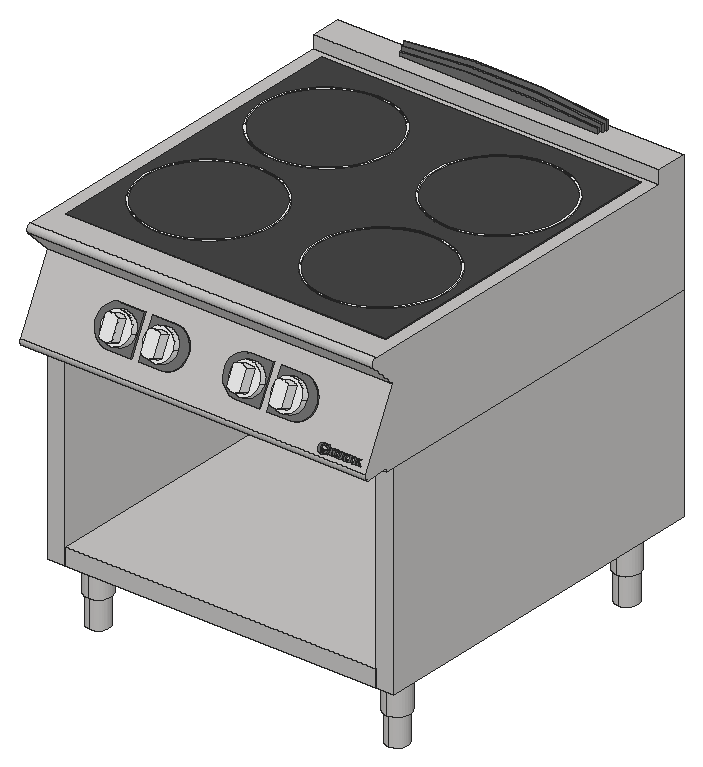
Revit family "QF_GIORIK_CV940G", category Specialty Equipment, Revit 2014
Parameters (values of type "CV940G")
  Weight in Pounds = 253.5313
  Watts = 12000 W
  Volts = 400 V
  URL Cutsheet = "www.giorik.com"
  URL = "www.giorik.com"
  Status [instance] = ""
  Specification by User [instance] = ""
  Specification by Manufacturer = ""
  Show Logo [instance] = yes
  Show Clearance [instance] = yes
  Serial Number = ""
  Seismic Rating = ""
  SMACNA No = ""
  Revision Code [instance] = ""
  Phase = 3
  Number of Poles [instance] = 3
  NAFEM Spec ID Number = ""
  Model = "CV940G"
  Min Ckt Ampacity = 0 A
  Max Overcurrent Protection = 0 A
  Masterspec = ""
  Manufacturer = "GIORIK"
  Item Number [instance] = ""
  Installed By [instance] = ""
  Identify Quantity as Lot [instance] = no
  HP = "16.092240000000"
  Furnished By [instance] = ""
  Foodservice Equipment Identifier [instance] = yes
  FL Amps = 0 A
  Electrical Remarks [instance] = ""
  Electric Connection Type [instance] = ""
  Elec Conn RI Height [instance] = 0 mm
  Elec Conn Connection Height [instance] = 150 mm
  Description = "CERAMIC GLASS HOB ON OPEN BASE UNIT"
  Cycle = 50 Hz
  Conn Plug = ""
  CSI MasterFormat = ""
  Assembly Code = "E1090320"
  Apparent Power = 12000 VA
Reference planes
  plane 1 "Back": y = 0
  plane 2: z = 0
  plane 3 "Left": x = 0
  plane 4 "Right": x = 800
  plane 5 "Front": y = -920
  plane 6 "Top": z = 900
Forms (mm)
  Extrusion 1, solid, visible <- "Show Logo"
    sketch origin (591.604, -936.624, 609.486) x (-1, 0, 0) y (0, 0.452718, 0.891654)
      loop
        line (-118.824, 58.358) -> (-127.804, 58.358) -> (-125.523, 56.445) -> (-125.523, 48.027) -> (-127.804, 46.113) -> (-118.824, 46.113) -> (-121.105, 48.027) -> (-121.105, 56.445) -> (-118.824, 58.358)
      loop
        line (-163.721, 58.358) -> (-172.7, 58.358) -> (-170.42, 56.445) -> (-170.42, 48.027) -> (-172.7, 46.113) -> (-163.721, 46.113) -> (-166.001, 48.027) -> (-166.001, 56.445) -> (-163.721, 58.358)
      loop
        line (-174.332, 58.358) -> (-183.312, 58.358) -> (-181.031, 56.445) -> (-181.031, 52.435) -> (-186.419, 56.955) -> (-184.416, 58.358) -> (-191.268, 58.358) -> (-188.01, 56.839) -> (-185.455, 54.283) -> (-190.846, 47.858) -> (-193.396, 46.93) -> (-193.396, 46.113) -> (-184.416, 46.113) -> (-185.437, 47.571) -> (-182.443, 51.552) -> (-181.031, 50.894) -> (-181.031, 48.027) -> (-183.312, 46.113) -> (-174.332, 46.113) -> (-176.613, 48.027) -> (-176.613, 56.445) -> (-174.332, 58.358)
      loop
        line (-115.429, 62.063) -> (-115.429, 54.198)
        arc (-115.429, 54.198) -> (-111.618, 57.803) -> (-106.847, 59.986) r 16.039
        arc (-106.847, 59.986) -> (-103.314, 59.837) -> (-100.512, 57.68) r 5.851
        arc (-100.512, 57.68) -> (-98.815, 52.267) -> (-100.512, 46.853) r 9.479
        arc (-100.512, 46.853) -> (-102.406, 44.986) -> (-104.846, 43.93) r 7.236
        arc (-104.846, 43.93) -> (-107.728, 44.111) -> (-110.052, 45.825) r 5.11
        line (-110.052, 45.825) -> (-110.052, 52.001) -> (-116.141, 52.001) -> (-116.141, 45.503) -> (-117.893, 43.751) -> (-114.094, 44.769)
        arc (-114.094, 44.769) -> (-112.56, 44.947) -> (-111.129, 44.366) r 3.115
        arc (-111.129, 44.366) -> (-104.216, 42.091) -> (-97.303, 44.366) r 11.641
        arc (-97.303, 44.366) -> (-93.396, 52.107) -> (-97.303, 59.849) r 9.622
        arc (-97.303, 59.849) -> (-104.369, 62.174) -> (-111.435, 59.849) r 11.898
        line (-111.435, 59.849) -> (-115.429, 62.063)
      loop
        arc (-129.234, 56.068) -> (-135.893, 58.628) -> (-142.552, 56.068) r 9.941
        arc (-142.552, 56.068) -> (-144.234, 52.286) -> (-142.552, 48.505) r 5.093
        arc (-142.552, 48.505) -> (-135.893, 45.945) -> (-129.234, 48.505) r 9.941
        arc (-129.234, 48.505) -> (-127.552, 52.286) -> (-129.234, 56.068) r 5.093
      loop
        arc (-132.628, 54.403) -> (-135.893, 57.668) -> (-139.158, 54.403) r 3.265
        line (-139.158, 54.403) -> (-139.158, 50.169)
        arc (-139.158, 50.169) -> (-135.893, 46.904) -> (-132.628, 50.169) r 3.265
        line (-132.628, 50.169) -> (-132.628, 54.403)
      loop
        arc (-156.363, 58.365) -> (-159.647, 55.081) -> (-156.363, 51.796) r 3.285
        line (-156.363, 51.796) -> (-159.529, 47.306) -> (-162.087, 46.113) -> (-155.847, 46.113) -> (-153.529, 51.083) -> (-150.637, 51.083) -> (-150.637, 47.784) -> (-153.022, 46.113) -> (-144.011, 46.113) -> (-146.094, 47.68) -> (-146.094, 56.493) -> (-144.229, 58.365) -> (-156.363, 58.365)
      loop
        line (-150.637, 57.512) -> (-153.637, 57.512)
        arc (-153.637, 57.512) -> (-156.237, 54.912) -> (-153.637, 52.312) r 2.6
        line (-153.637, 52.312) -> (-150.637, 52.312) -> (-150.637, 57.512)
      loop
        line (-108.924, 52.001) -> (-104.936, 49.005) -> (-100.948, 52.001) -> (-108.924, 52.001)
    from 1.5 to -0.5
  Extrusion 2, solid
    sketch origin (-16, 1025.948, 0) x (1, 0, 0) y (0, 1, 0)
      loop
        line (25, -1086.81) -> (25, -1156.81) -> (115, -1156.81) -> (115, -1086.81) -> (25, -1086.81)
    from 148 to 150
  Extrusion 3, solid
    sketch origin (-4, 0.138, 130) x (1, 0, 0) y (0, 1, 0)
      loop
        circle (54, -385) r 12.5
    from 0 to 20
  Extrusion 4, solid
    sketch origin (0, 800.138, -20) x (0, 1, 0) y (0, 0, 1)
      loop
        line (-800.138, 919.988) -> (-870.138, 919.988) -> (-870.138, 889.988) -> (-1688.806, 889.988)
        arc (-1688.806, 889.988) -> (-1699.151, 883.075) -> (-1696.724, 870.873) r 11.197
        line (-1696.724, 870.873) -> (-1640.876, 815.025) -> (-1718.948, 661.258)
        arc (-1718.948, 661.258) -> (-1718.233, 650.105) -> (-1708.118, 645.354) r 10.981
        line (-1708.118, 645.354) -> (-1660, 649.925) -> (-1660, 640) -> (-800.138, 640) -> (-800.138, 919.988)
    from 0 to 800
  Extrusion 5, solid
    sketch origin (0, -199.862, 599.536) x (1, 0, 0) y (0, 1, 0)
      loop
        line (0, -640) -> (40, -640) -> (40, 159.862) -> (760, 159.862) -> (760, -640) -> (800, -640) -> (800, 199.862) -> (0, 199.862) -> (0, -640)
    from -449.536 to 20.464
  Extrusion 6, solid
    sketch origin (0, -199.862, 0) x (1, 0, 0) y (0, 1, 0)
      loop
        line (40, 159.862) -> (40, -640) -> (760, -640) -> (760, 159.862) -> (40, 159.862)
    from 150 to 190
  Extrusion 7, solid
    sketch origin (-16, 360.948, 0) x (1, 0, 0) y (0, 1, 0)
      loop
        line (25, -1086.81) -> (25, -1156.81) -> (115, -1156.81) -> (115, -1086.81) -> (25, -1086.81)
    from 148 to 150
  Revolve 8, solid
    sketch origin (54, 360.948, 0) x (0, 1, 0) y (0, 0, 1)
      loop
        line (-1092.56, 66) -> (-1092.56, 148) -> (-1121.81, 148) -> (-1121.81, 0) -> (-1096.81, 0) -> (-1096.81, 66) -> (-1092.56, 66)
      axis (-1121.81, 0) -> (-1121.81, 148)
    angle from 0 to 360
  Revolve 9, solid
    sketch origin (54, 1025.948, 0) x (0, 1, 0) y (0, 0, 1)
      loop
        line (-1092.56, 66) -> (-1092.56, 148) -> (-1121.81, 148) -> (-1121.81, 0) -> (-1096.81, 0) -> (-1096.81, 66) -> (-1092.56, 66)
      axis (-1121.81, 0) -> (-1121.81, 148)
    angle from 0 to 360
  Revolve 10, solid
    sketch origin (746, 360.948, 0) x (0, 1, 0) y (0, 0, -1)
      loop
        line (-1092.56, -66) -> (-1096.81, -66) -> (-1096.81, 0) -> (-1121.81, 0) -> (-1121.81, -148) -> (-1092.56, -148) -> (-1092.56, -66)
      axis (-1121.81, 0) -> (-1121.81, -148)
    angle from 0 to 360
  Extrusion 11, solid
    sketch origin (816, -1217.672, 0) x (-1, 0, 0) y (0, -1, 0)
      loop
        line (25, -1086.81) -> (25, -1156.81) -> (115, -1156.81) -> (115, -1086.81) -> (25, -1086.81)
    from 148 to 150
  Revolve 12, solid
    sketch origin (746, -1217.672, 0) x (0, -1, 0) y (0, 0, 1)
      loop
        line (-1092.56, 66) -> (-1092.56, 148) -> (-1121.81, 148) -> (-1121.81, 0) -> (-1096.81, 0) -> (-1096.81, 66) -> (-1092.56, 66)
      axis (-1121.81, 0) -> (-1121.81, 148)
    angle from 0 to 360
  Extrusion 13, solid
    sketch origin (-220.755, -1163.208, 52.363) x (1, 0, 0) y (0, 0.452718, 0.891654)
      loop
        line (463.221, 676.25) -> (463.221, 766.25) -> (409.698, 766.25)
        arc (409.698, 766.25) -> (364.698, 721.25) -> (409.698, 676.25) r 45
        line (409.698, 676.25) -> (463.221, 676.25)
    from 48 to 50
  Extrusion 14, solid
    sketch origin (553.797, -1208.559, 74.959) x (-1, 0, 0) y (0, -0.45351, -0.891251)
      loop
        circle (351.331, -721.346) r 35
    from 0 to 15
  Extrusion 15, solid
    sketch origin (553.797, -1208.559, 74.959) x (-1, 0, 0) y (0, -0.45351, -0.891251)
      loop
        arc (336.331, -743.846) -> (351.331, -748.846) -> (366.331, -743.846) r 25
        line (366.331, -743.846) -> (366.331, -698.846)
        arc (366.331, -698.846) -> (351.331, -693.846) -> (336.331, -698.846) r 25
        line (336.331, -698.846) -> (336.331, -743.846)
    from 15 to 40
  Extrusion 16, solid
    sketch origin (723.221, -1163.208, 52.363) x (-1, 0, 0) y (0, -0.452718, -0.891654)
      loop
        line (463.221, -676.25) -> (409.698, -676.25)
        arc (409.698, -676.25) -> (364.698, -721.25) -> (409.698, -766.25) r 45
        line (409.698, -766.25) -> (463.221, -766.25) -> (463.221, -676.25)
    from 48 to 50
  Extrusion 17, solid
    sketch origin (-51.331, -1208.559, 74.959) x (1, 0, 0) y (0, 0.45351, 0.891251)
      loop
        circle (351.331, 721.346) r 35
    from 0 to 15
  Extrusion 18, solid
    sketch origin (-51.331, -1208.559, 74.959) x (1, 0, 0) y (0, 0.45351, 0.891251)
      loop
        line (336.331, 743.846) -> (336.331, 698.846)
        arc (336.331, 698.846) -> (351.331, 693.846) -> (366.331, 698.846) r 25
        line (366.331, 698.846) -> (366.331, 743.846)
        arc (366.331, 743.846) -> (351.331, 748.846) -> (336.331, 743.846) r 25
    from 15 to 40
  Extrusion 19, solid
    sketch origin (76.779, -1163.208, 52.363) x (1, 0, 0) y (0, 0.452718, 0.891654)
      loop
        line (463.221, 676.25) -> (463.221, 766.25) -> (409.698, 766.25)
        arc (409.698, 766.25) -> (364.698, 721.25) -> (409.698, 676.25) r 45
        line (409.698, 676.25) -> (463.221, 676.25)
    from 48 to 50
  Extrusion 20, solid
    sketch origin (851.331, -1208.559, 74.959) x (-1, 0, 0) y (0, -0.45351, -0.891251)
      loop
        circle (351.331, -721.346) r 35
    from 0 to 15
  Extrusion 21, solid
    sketch origin (851.331, -1208.559, 74.959) x (-1, 0, 0) y (0, -0.45351, -0.891251)
      loop
        arc (336.331, -743.846) -> (351.331, -748.846) -> (366.331, -743.846) r 25
        line (366.331, -743.846) -> (366.331, -698.846)
        arc (366.331, -698.846) -> (351.331, -693.846) -> (336.331, -698.846) r 25
        line (336.331, -698.846) -> (336.331, -743.846)
    from 15 to 40
  Extrusion 22, solid
    sketch origin (1020.755, -1163.208, 52.363) x (-1, 0, 0) y (0, -0.452718, -0.891654)
      loop
        line (463.221, -676.25) -> (409.698, -676.25)
        arc (409.698, -676.25) -> (364.698, -721.25) -> (409.698, -766.25) r 45
        line (409.698, -766.25) -> (463.221, -766.25) -> (463.221, -676.25)
    from 48 to 50
  Extrusion 23, solid
    sketch origin (246.203, -1208.559, 74.959) x (1, 0, 0) y (0, 0.45351, 0.891251)
      loop
        circle (351.331, 721.346) r 35
    from 0 to 15
  Extrusion 24, solid
    sketch origin (246.203, -1208.559, 74.959) x (1, 0, 0) y (0, 0.45351, 0.891251)
      loop
        line (336.331, 743.846) -> (336.331, 698.846)
        arc (336.331, 698.846) -> (351.331, 693.846) -> (366.331, 698.846) r 25
        line (366.331, 698.846) -> (366.331, 743.846)
        arc (366.331, 743.846) -> (351.331, 748.846) -> (336.331, 743.846) r 25
    from 15 to 40
  Extrusion 25, solid
    sketch origin (36.031, 0.038, -10.001) x (1, 0, 0) y (0, 0, 1)
      loop
        line (135, 909.989) -> (592.969, 909.989) -> (592.969, 919.989) -> (440.969, 929.989) -> (287, 929.989) -> (135, 919.989) -> (135, 909.989)
    from 32 to 35
  Extrusion 26, solid
    sketch origin (38, 10.038, -10.001) x (1, 0, 0) y (0, 0, 1)
      loop
        line (594, 909.989) -> (594, 924.989) -> (440, 937.489) -> (284, 937.489) -> (130, 925.001) -> (130, 909.989) -> (594, 909.989)
    from 32 to 35
  Extrusion 27, solid
    sketch origin (40, 20.038, -10.001) x (1, 0, 0) y (0, 0, 1)
      loop
        line (595, 909.989) -> (595, 930.001) -> (439, 945.258) -> (281, 945.258) -> (125, 929.989) -> (125, 909.989) -> (595, 909.989)
    from 32 to 35
  Extrusion 28, solid
    sketch origin (0.216, -199.623, 821) x (0, 1, 0) y (-1, 0, 0)
      loop
        line (-625, -30) -> (-625, -769.568) -> (115, -769.568) -> (115, -30) -> (-625, -30)
    from 48 to 50
  Extrusion 29, solid
    sketch origin (0.216, -199.623, 821) x (0, 1, 0) y (-1, 0, 0)
      loop
        line (-625, -30) -> (-625, -769.568) -> (115, -769.568) -> (115, -30) -> (-625, -30)
    from 48 to 50
  Extrusion 30, solid
    sketch origin (10.216, -516.123, 848.488) x (0, -1, 0) y (1, 0, 0)
      loop
        circle (-231.5, 189.999) r 150
      loop
        circle (-231.5, 189.999) r 146.5
    from 23 to 20.512
  Extrusion 31, solid
    sketch origin (10.216, -856.123, 848.488) x (0, -1, 0) y (1, 0, 0)
      loop
        circle (-231.5, 189.999) r 150
      loop
        circle (-231.5, 189.999) r 146.5
    from 23 to 20.512
  Extrusion 32, solid
    sketch origin (409.816, -516.123, 848.488) x (0, -1, 0) y (1, 0, 0)
      loop
        circle (-231.5, 189.999) r 150
      loop
        circle (-231.5, 189.999) r 146.5
    from 23 to 20.512
  Extrusion 33, solid
    sketch origin (409.816, -856.123, 848.488) x (0, -1, 0) y (1, 0, 0)
      loop
        circle (-231.5, 189.999) r 150
      loop
        circle (-231.5, 189.999) r 146.5
    from 23 to 20.512
Lines and regions (mm)
  symbolic lines, style "200-EquipBorder-2D"
    curve 1: line (0, -919.862, 0) -> (800, -919.862, 0)
    curve 2: line (800, -919.862, 0) -> (800, 0, 0)
    curve 3: line (800, 0, 0) -> (0, 0, 0)
    curve 4: line (0, 0, 0) -> (0, -919.862, 0)
    curve 30: line (187.465, -927.276, 900) -> (187.465, -920, 900)
    curve 31: line (217.465, -927.276, 900) -> (217.465, -920, 900)
    curve 32: line (285, -927.276, 900) -> (285, -920, 900)
    curve 33: line (315, -927.276, 900) -> (315, -920, 900)
    curve 34: line (485, -927.276, 900) -> (485, -920, 900)
    curve 35: line (515, -927.276, 900) -> (515, -920, 900)
    curve 36: line (612.535, -927.276, 900) -> (612.535, -920, 900)
    curve 37: line (582.535, -927.276, 900) -> (582.535, -920, 900)
    curve 38: arc (612.535, -927.276, 900) -> (597.535, -929.83, 900) -> (582.535, -927.276, 900) r 45.323
    curve 39: arc (485, -927.276, 900) -> (500, -929.788, 900) -> (515, -927.276, 900) r 46.028
    curve 40: arc (285, -927.276, 900) -> (300, -929.53, 900) -> (315, -927.276, 900) r 51.026
    curve 41: arc (217.465, -927.276, 900) -> (202.465, -929.531, 900) -> (187.465, -927.276, 900) r 51
  symbolic lines, style "200-EquipInternal-2D"
    curve 5: line (0, -70, 900) -> (800, -70, 900)
    curve 6: line (165, -11.962, 900) -> (635, -11.962, 900)
    curve 7: line (635, -11.962, 900) -> (635, -14.962, 900)
    curve 8: line (635, -14.962, 900) -> (165, -14.962, 900)
    curve 9: line (165, -14.962, 900) -> (165, -11.962, 900)
    curve 10: line (168, -21.962, 900) -> (632, -21.962, 900)
    curve 11: line (632, -21.962, 900) -> (632, -24.962, 900)
    curve 12: line (632, -24.962, 900) -> (168, -24.962, 900)
    curve 13: line (168, -24.962, 900) -> (168, -21.962, 900)
    curve 14: line (171.031, -31.962, 900) -> (629, -31.962, 900)
    curve 15: line (629, -31.962, 900) -> (629, -34.962, 900)
    curve 16: line (629, -34.962, 900) -> (171.031, -34.962, 900)
    curve 17: line (171.031, -34.962, 900) -> (171.031, -31.962, 900)
    curve 18: circle (200.215, -284.623, 900) r 150 normal (0, 0, 1)
    curve 19: circle (200.215, -284.623, 900) r 146.5 normal (0, 0, 1)
    curve 20: circle (200.215, -624.623, 900) r 150 normal (0, 0, 1)
    curve 21: circle (200.215, -624.623, 900) r 146.5 normal (0, 0, 1)
    curve 22: line (30.216, -84.623, 900) -> (769.784, -84.623, 900)
    curve 23: line (30.216, -824.623, 900) -> (30.216, -84.623, 900)
    curve 24: line (769.784, -824.623, 900) -> (30.216, -824.623, 900)
    curve 25: line (769.784, -84.623, 900) -> (769.784, -824.623, 900)
    curve 26: circle (599.815, -284.623, 900) r 150 normal (0, 0, 1)
    curve 27: circle (599.815, -284.623, 900) r 146.5 normal (0, 0, 1)
    curve 28: circle (599.815, -624.623, 900) r 150 normal (0, 0, 1)
    curve 29: circle (599.815, -624.623, 900) r 146.5 normal (0, 0, 1)
Dimensions and locks
  plane 3 "Left" to plane 4 "Right" = 800 mm
  plane 5 "Front" to plane 1 "Back" = 920 mm
  plane 4 "Right" to plane 3 "Left" = 800 mm
  plane 1 "Back" to plane 5 "Front" = 920 mm
  plane 6 "Top" to level = 900 mm  (x2)
  aligned and locked: level to plane 2
Connectors
  electrical at (50, -384.862, 130), driven by "Apparent Power", driven by "Volts", driven by "Number of Poles"
    settings: on Extrusion 3, index 1, voltage 400 V, apparent load 0 VA, apparent load phase1 12000 VA, apparent load phase2 0 VA, apparent load phase3 0 VA, power factor 1, load classification "Other", number of poles 3, system type 31, power factor state 1, is connector primary yes, connector utility no, sub classification motor no, connector description "Electrical connection"
